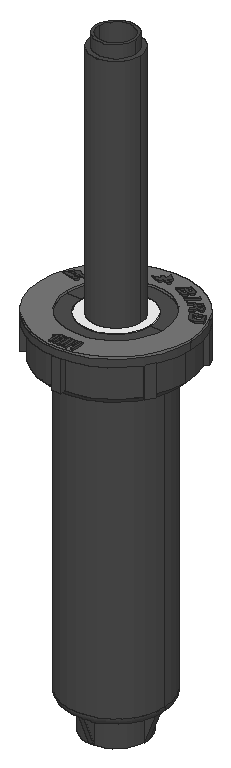
Revit family "Spray Bodies 1800-PRS Series", category Acessórios do tubo, Revit 2020
Family settings
  Cota do conector redondo = Utilizar diâmetro
  Tipo de parte = Normal
  Número OmniClass = 23.60.30.11.14
  Título OmniClass = Pipework Fittings
  Com base no plano de trabalho = Não
  Sempre na vertical = Sim
  Corte com vazios quando carregada = Não
  Compartilhado = Não
Parameters (values of type "1804-PRS")
  White Plastic = White Plastic
  URL = "https://www.rainbird.com/"
  SupportProjetos: Reviw Date = "15/11/2020"  # constant formula
  SupportProjetos: Reviw = "R01"  # constant formula
  SupportProjetos: Level of Detail = "LOD 300"  # constant formula
  SupportProjetos: Developed = "MICHEL SOARES MOTA"  # constant formula
  SupportProjetos: Creation Date = "13/07/2020"  # constant formula
  Side inlet = Model > 1805  # no
  RainBird: Product Link = "https://store.rainbird.com/sprinklers/spray-heads.html?sprays_sprayheadseries=117"
  RainBird: Description = "Spray Bodies Serie 1800 - Model 1804-PRS"
  RainBird: Comment [instance] = ""
  RainBird: Code = "A50205"
  RT = 0.3015 cm
  RN = 1 cm
  R5 = 1 cm
  R4 = 1.25 cm
  R3 = 2 cm
  R2 = 2.85 cm
  R1 = 1 cm
  R-VAN = yes
  Pop up height = 10.2 cm
  Pop up on [instance] = yes
  Modelo = "1804-PRS"
  Model = 1804
  H1 = Body height / 3  # 5.0667 cm
  Elevação padrão = 0 cm
  Descrição = RainBird: Description  # "Spray Bodies Serie 1800 - Model 1804-PRS"
  DT8 = 0.08 cm
  DT7 = 3.05 cm
  DT6 = 2 cm
  DT5 = 0.12 cm
  DT4 = 0.5 cm
  DT3 = 0.7973 cm
  DT2 = 1 cm
  DT1 = 1.4 cm
  DD9 = 1.3673 cm
  DD8 [instance] = if(Pop up on, Pop up height, 0 cm)  # 10.2 cm
  DD7 = 0.6 cm
  DD6 = 0.3 cm
  DD5 = 0.2 cm
  DD3 = 1.8 cm
  DD2 = 0.5 cm
  DD13 = 1.5 cm
  DD12 [instance] = if(Pop up on, Pop up height + 1.51 cm, 0 cm)  # 11.71 cm
  DD11 = 0.2 cm
  DD10 = 2.7818 cm
  DD1 = 1.2 cm
  Conection = 1.91 cm  # constant formula
  Body height = 15.2 cm
  Black Plastic 2 = Black Plastic 2
  Black Plastic = Black Plastic
  Arch Angle [instance] = 180.00°
  AA1 = 135.00°
  1812 = no
  1806 = no
  1804 = yes
  180 = yes
Types (4, lengths in cm): name | Side inlet | RainBird: Description | RainBird: Code | Pop up height | Modelo | Model | H1 | Descrição | DD9 | DD8 | DD12 | DD11 | DD10 | Body height | 1812 | 1806 | 1804 | 180
  (no name) | no | "Spray Bodies Serie 1800 - Model 1804-PRS" | "A50205" | 10.2 | "1804-PRS" | 1804 | 5.0667 | "Spray Bodies Serie 1800 - Model 1804-PRS" | 1.3673 | 10.2 | 11.71 | 0.2 | 2.7818 | 15.2 | no | no | yes | yes
  1804-PRS | no | "Spray Bodies Serie 1800 - Model 1804-PRS" | "A50205" | 10.2 | "1804-PRS" | 1804 | 5.0667 | "Spray Bodies Serie 1800 - Model 1804-PRS" | 1.3673 | 10.2 | 11.71 | 0.2 | 2.7818 | 15.2 | no | no | yes | yes
  1806-PRS | yes | "Spray Bodies Serie 1800 - Model 1806-PRS" | "A50305" | 15.2 | "1806-PRS" | 1806 | 7.9333 | "Spray Bodies Serie 1800 - Model 1806-PRS" | 1.3673 | 15.2 | 16.71 | 0.1 | 2.7818 | 23.8 | no | yes | no | yes
  1812-PRS | yes | "Spray Bodies Serie 1800 - Model 1812-PRS" | "A50405" | 30.5 | "1812-PRS" | 1812 | 13.5333 | "Spray Bodies Serie 1800 - Model 1812-PRS" | 2 | 30.5 | 32.01 | 0.6254 | 2.5 | 40.6 | yes | no | no | no
Reference planes (cm)
  plane 1 "Centro (Frente/Trás)": y = 0
  plane 2: z = 0
  plane 3 "Centro (Esquerda/Direita)": x = 0
  plane 4: z = 0.12
  plane 5: z = 0.08
  plane 6: y = -2
Forms (cm)
  Revolve 1, solid, material "Black Plastic" <- "Black Plastic"
    sketch origin (0, 0, 0) x (1, 0, 0) y (0, 0, 1)
      loop
        line (2.85, -1.5672) -> (2.85, -0.3) -> (3.05, -0.3) -> (3.05, 0) -> (1.4, 0) -> (1.4, -1) -> (1, -1) -> (1, -10.2) -> (0.6, -10.2) -> (0.6, -14) -> (1, -14) -> (1, -15.2) -> (1.25, -15.2) -> (1.25, -14) -> (1.6985, -14)
        arc (1.6985, -14) -> (1.9117, -13.9117) -> (2, -13.6985) r 0.3015
        line (2, -13.6985) -> (2, -2.1015)
        arc (2, -2.1015) -> (2.0883, -1.8883) -> (2.3015, -1.8) r 0.3015
        line (2.3015, -1.8) -> (2.6172, -1.8) -> (2.85, -1.5672)
      axis (0, -15.2) -> (0, 0)
    angle from 0 to 360
  Extrusion 2, solid, material "Black Plastic" <- "Black Plastic"
    sketch origin (0, 0, 0) x (1, 0, 0) y (0, 1, 0)
      loop
        circle (0, 0) r 1
    from -10.2 to 10.2
  Extrusion 3, void
    sketch origin (0, 0, 0) x (1, 0, 0) y (0, 1, 0)
      loop
        circle (0, 0) r 1
      loop
        circle (0, 0) r 0.7973
    from 9.7 to 10.2
  Extrusion 4, solid, material "Black Plastic" <- "Black Plastic", visible <- "180"
    sketch origin (0, -2.5, 0) x (1, 0, 0) y (0, 1, 0)
      loop
        line (-2.231, 3.2135) -> (-2.1644, 3.3339) -> (-2.3679, 3.3844) -> (-2.2992, 3.5085) -> (-2.0365, 3.4904) -> (-1.9715, 3.608) -> (-2.2887, 3.6298) -> (-2.4263, 3.706) -> (-2.6398, 3.6445) -> (-2.8298, 3.3622) -> (-2.231, 3.2135)
      loop
        line (-2.6663, 3.4585) -> (-2.4339, 3.4008) -> (-2.3526, 3.5478) -> (-2.4178, 3.6107) -> (-2.5587, 3.5701) -> (-2.6663, 3.4585)
      loop
        line (-1.9163, 3.7039) -> (-1.8175, 3.8064) -> (-1.8808, 3.8933) -> (-1.7232, 4.0568) -> (-1.6371, 4.0092) -> (-1.5763, 4.1193) -> (-2.1283, 4.1963) -> (-2.2118, 4.1098) -> (-1.9163, 3.7039)
      loop
        line (-2.0723, 4.0915) -> (-1.9537, 3.9286) -> (-1.8139, 4.0736) -> (-2.0723, 4.0915)
      loop
        line (-1.8177, 4.5186) -> (-1.3486, 4.2146) -> (-1.2727, 4.2934) -> (-1.7417, 4.5974) -> (-1.8177, 4.5186)
      loop
        line (-1.1151, 4.372) -> (-1.0305, 4.4599) -> (-1.2636, 4.6846) -> (-0.7593, 4.6142) -> (-0.6667, 4.7103) -> (-1.0803, 5.0567) -> (-1.1605, 4.9984) -> (-0.8466, 4.7354) -> (-1.4131, 4.8145) -> (-1.5049, 4.7477) -> (-1.1151, 4.372)
      loop
        line (-0.4562, 4.9237) -> (-0.283, 4.8466) -> (-0.0843, 4.7934) -> (0, 4.9138) -> (0.2358, 4.8722) -> (0.2981, 4.9345) -> (0.116, 5.0156) -> (0.2085, 5.1477) -> (-0.0336, 5.3172) -> (-0.0336, 5.1849) -> (-0.0336, 5.0821) -> (-0.1724, 5.1439) -> (-0.2428, 5.1033) -> (-0.1476, 5.0081) -> (-0.274, 4.9621) -> (-0.4562, 4.9237)
      loop
        line (0.6147, 4.7728) -> (0.9327, 4.5929) -> (1.0885, 4.5721) -> (1.1808, 4.6694) -> (1.1317, 4.7723) -> (1.2619, 4.7549) -> (1.334, 4.8309) -> (1.2754, 4.9539) -> (0.9573, 5.1338) -> (0.6147, 4.7728)
      loop
        line (0.8462, 4.8897) -> (0.7501, 4.7884) -> (0.9556, 4.6722) -> (1.0744, 4.6732) -> (1.0734, 4.7801) -> (0.8462, 4.8897)
      loop
        line (0.9989, 5.0507) -> (0.9222, 4.9699) -> (1.1173, 4.8595) -> (1.2037, 4.8602) -> (1.1883, 4.9435) -> (0.9989, 5.0507)
      loop
        line (1.2199, 4.4305) -> (1.3171, 4.3754) -> (1.7079, 4.7092) -> (1.6106, 4.7642) -> (1.2199, 4.4305)
      loop
        line (1.9335, 4.5079) -> (1.472, 4.2878) -> (1.5637, 4.2008) -> (1.7245, 4.2775) -> (1.8813, 4.1484) -> (1.7689, 4.0299) -> (1.857, 3.9063) -> (1.985, 3.9976) -> (2.0031, 4.1334) -> (2.1114, 4.0951) -> (2.2369, 4.155) -> (2.156, 4.3246) -> (1.9335, 4.5079)
      loop
        line (1.9261, 4.4053) -> (1.8225, 4.3559) -> (1.9436, 4.2141) -> (2.1112, 4.2155) -> (2.0556, 4.3321) -> (1.9261, 4.4053)
      loop
        line (1.9557, 3.8215) -> (2.1968, 3.4836) -> (2.3925, 3.4143) -> (2.7137, 3.5675) -> (2.6804, 3.6964) -> (2.4921, 3.9603) -> (1.9557, 3.8215)
      loop
        line (2.1302, 3.7523) -> (2.2577, 3.5736) -> (2.4889, 3.5756) -> (2.5959, 3.652) -> (2.4629, 3.8384) -> (2.1302, 3.7523)
      loop
        line (-0.516, -0.0627) -> (-0.4245, -0.0627) -> (-0.4245, -0.3834) -> (-0.3366, -0.3834) -> (-0.3366, 0.1166) -> (-0.516, -0.0627)
      loop
        line (-0.2745, 0.1165) -> (-0.2745, -0.3834) -> (-0.0345, -0.3834) -> (-0.0345, 0.1165) -> (-0.2745, 0.1165)
      loop
        line (-0.1945, 0.0365) -> (-0.1945, -0.0861) -> (-0.1145, -0.0861) -> (-0.1145, 0.0365) -> (-0.1945, 0.0365)
      loop
        line (-0.1945, -0.1661) -> (-0.1945, -0.3034) -> (-0.1145, -0.3034) -> (-0.1145, -0.1661) -> (-0.1945, -0.1661)
      loop
        line (0.0395, 0.1165) -> (0.0395, -0.3834) -> (0.2795, -0.3834) -> (0.2795, 0.1165) -> (0.0395, 0.1165)
      loop
        line (0.1195, 0.0365) -> (0.1195, -0.3034) -> (0.1995, -0.3034) -> (0.1995, 0.0365) -> (0.1195, 0.0365)
    from 0 to 0.12
  Extrusion 5, solid, material "Black Plastic 2" <- "Black Plastic 2"
    sketch origin (0, 0, 0) x (1, 0, 0) y (0, 1, 0)
      loop
        circle (0, 0) r 3.05
      loop
        circle (0, 0) r 2
    from 0 to 0.08
  Extrusion 6, solid, material "Black Plastic" <- "Black Plastic", visible <- "Side inlet"
    sketch origin (0, 0, 0) x (1, 0, 0) y (0, 0, 1)
      loop
        circle (0, -5.0667) r 1
    from 2 to 3.3673
  Extrusion 7, solid, material "Black Plastic" <- "Black Plastic", visible <- "Side inlet"
    sketch origin (0, 0, 0) x (1, 0, 0) y (0, 0, 1)
      loop
        circle (0, -5.0667) r 0.7964
    from 3.3673 to 3.8673
  Extrusion 8, void
    sketch origin (0, 0, 0) x (1, 0, 0) y (0, 1, 0)
      loop
        circle (0, 0) r 0.6963
    from -10.2 to 10.2
  Extrusion 9, solid, material "Black Plastic" <- "Black Plastic"
    sketch origin (0, 0, 0) x (0, 1, 0) y (0, 0, 1)
      loop
        line (1.25, -14) -> (1.25, -15.2) -> (1.75, -14) -> (1.25, -14)
      loop
        line (-1.25, -14) -> (-1.75, -14) -> (-1.25, -15.2) -> (-1.25, -14)
    from -0.1 to 0.1
  Extrusion 10, solid, material "Black Plastic" <- "Black Plastic"
    sketch origin (0, 0, 0) x (-1, 0, 0) y (0, 0, 1)
      loop
        line (1.25, -14) -> (1.25, -15.2) -> (1.75, -14) -> (1.25, -14)
      loop
        line (-1.25, -14) -> (-1.75, -14) -> (-1.25, -15.2) -> (-1.25, -14)
    from -0.1 to 0.1
  Extrusion 11, solid, material "Black Plastic" <- "Black Plastic", visible <- "1804"
    sketch origin (0.5778, -2.5, 0) x (1, 0, 0) y (0, 1, 0)
      loop
        line (-0.268, -0.156) -> (-0.108, -0.156) -> (-0.108, -0.3834) -> (-0.024, -0.3834) -> (-0.024, 0.1165) -> (-0.108, 0.1165) -> (-0.108, -0.0861) -> (-0.188, -0.0861) -> (-0.188, 0.1165) -> (-0.268, 0.1165) -> (-0.268, -0.156)
    from 0 to 0.12
  Extrusion 12, solid, material "Black Plastic" <- "Black Plastic", visible <- "1806"
    sketch origin (0.5778, -2.5, 0) x (1, 0, 0) y (0, 1, 0)
      loop
        line (-0.268, -0.3834) -> (-0.024, -0.3834) -> (-0.024, -0.0861) -> (-0.188, -0.0861) -> (-0.188, 0.0365) -> (-0.024, 0.0365) -> (-0.024, 0.1165) -> (-0.268, 0.1165) -> (-0.268, -0.3834)
      loop
        line (-0.188, -0.1661) -> (-0.188, -0.3034) -> (-0.108, -0.3034) -> (-0.108, -0.1661) -> (-0.188, -0.1661)
    from 0 to 0.12
  Extrusion 13, solid, material "Black Plastic" <- "Black Plastic", visible <- "1812"
    sketch origin (0, -2.5, 0) x (1, 0, 0) y (0, 1, 0)
      loop
        line (-2.231, 3.2135) -> (-2.1644, 3.3339) -> (-2.3679, 3.3844) -> (-2.2992, 3.5085) -> (-2.0365, 3.4904) -> (-1.9715, 3.608) -> (-2.2887, 3.6298) -> (-2.4263, 3.706) -> (-2.6398, 3.6445) -> (-2.8298, 3.3622) -> (-2.231, 3.2135)
      loop
        line (-2.6663, 3.4585) -> (-2.4339, 3.4008) -> (-2.3526, 3.5478) -> (-2.4178, 3.6107) -> (-2.5587, 3.5701) -> (-2.6663, 3.4585)
      loop
        line (-1.9163, 3.7039) -> (-1.8175, 3.8064) -> (-1.8808, 3.8933) -> (-1.7232, 4.0568) -> (-1.6371, 4.0092) -> (-1.5763, 4.1193) -> (-2.1283, 4.1963) -> (-2.2118, 4.1098) -> (-1.9163, 3.7039)
      loop
        line (-2.0723, 4.0915) -> (-1.9537, 3.9286) -> (-1.8139, 4.0736) -> (-2.0723, 4.0915)
      loop
        line (-1.8177, 4.5186) -> (-1.3486, 4.2146) -> (-1.2727, 4.2934) -> (-1.7417, 4.5974) -> (-1.8177, 4.5186)
      loop
        line (-1.1151, 4.372) -> (-1.0305, 4.4599) -> (-1.2636, 4.6846) -> (-0.7593, 4.6142) -> (-0.6667, 4.7103) -> (-1.0803, 5.0567) -> (-1.1605, 4.9984) -> (-0.8466, 4.7354) -> (-1.4131, 4.8145) -> (-1.5049, 4.7477) -> (-1.1151, 4.372)
      loop
        line (-0.4562, 4.9237) -> (-0.283, 4.8466) -> (-0.0843, 4.7934) -> (0, 4.9138) -> (0.2358, 4.8722) -> (0.2981, 4.9345) -> (0.116, 5.0156) -> (0.2085, 5.1477) -> (-0.0336, 5.3172) -> (-0.0336, 5.1849) -> (-0.0336, 5.0821) -> (-0.1724, 5.1439) -> (-0.2428, 5.1033) -> (-0.1476, 5.0081) -> (-0.274, 4.9621) -> (-0.4562, 4.9237)
      loop
        line (0.6147, 4.7728) -> (0.9327, 4.5929) -> (1.0885, 4.5721) -> (1.1808, 4.6694) -> (1.1317, 4.7723) -> (1.2619, 4.7549) -> (1.334, 4.8309) -> (1.2754, 4.9539) -> (0.9573, 5.1338) -> (0.6147, 4.7728)
      loop
        line (0.8462, 4.8897) -> (0.7501, 4.7884) -> (0.9556, 4.6722) -> (1.0744, 4.6732) -> (1.0734, 4.7801) -> (0.8462, 4.8897)
      loop
        line (0.9989, 5.0507) -> (0.9222, 4.9699) -> (1.1173, 4.8595) -> (1.2037, 4.8602) -> (1.1883, 4.9435) -> (0.9989, 5.0507)
      loop
        line (1.2199, 4.4305) -> (1.3171, 4.3754) -> (1.7079, 4.7092) -> (1.6106, 4.7642) -> (1.2199, 4.4305)
      loop
        line (1.9335, 4.5079) -> (1.472, 4.2878) -> (1.5637, 4.2008) -> (1.7245, 4.2775) -> (1.8813, 4.1484) -> (1.7689, 4.0299) -> (1.857, 3.9063) -> (1.985, 3.9976) -> (2.0031, 4.1334) -> (2.1114, 4.0951) -> (2.2369, 4.155) -> (2.156, 4.3246) -> (1.9335, 4.5079)
      loop
        line (1.9261, 4.4053) -> (1.8225, 4.3559) -> (1.9436, 4.2141) -> (2.1112, 4.2155) -> (2.0556, 4.3321) -> (1.9261, 4.4053)
      loop
        line (1.9557, 3.8215) -> (2.1968, 3.4836) -> (2.3925, 3.4143) -> (2.7137, 3.5675) -> (2.6804, 3.6964) -> (2.4921, 3.9603) -> (1.9557, 3.8215)
      loop
        line (2.1302, 3.7523) -> (2.2577, 3.5736) -> (2.4889, 3.5756) -> (2.5959, 3.652) -> (2.4629, 3.8384) -> (2.1302, 3.7523)
      loop
        line (-0.516, -0.0625) -> (-0.4245, -0.0625) -> (-0.4245, -0.3832) -> (-0.3366, -0.3832) -> (-0.3366, 0.1168) -> (-0.516, -0.0625)
      loop
        line (-0.2745, 0.1166) -> (-0.2745, -0.3832) -> (-0.0345, -0.3832) -> (-0.0345, 0.1166) -> (-0.2745, 0.1166)
      loop
        line (-0.1945, 0.0366) -> (-0.1945, -0.086) -> (-0.1145, -0.086) -> (-0.1145, 0.0366) -> (-0.1945, 0.0366)
      loop
        line (-0.1945, -0.166) -> (-0.1945, -0.3032) -> (-0.1145, -0.3032) -> (-0.1145, -0.166) -> (-0.1945, -0.166)
      loop
        line (0.2795, 0.1166) -> (0.1002, -0.0625) -> (0.1916, -0.0625) -> (0.1916, -0.3831) -> (0.2795, -0.3831) -> (0.2795, 0.1166)
      loop
        line (0.3097, 0.1165) -> (0.3097, 0.0365) -> (0.4697, 0.0365) -> (0.4697, -0.0861) -> (0.3097, -0.0861) -> (0.3097, -0.3834) -> (0.5537, -0.3834) -> (0.5537, -0.3032) -> (0.3897, -0.3032) -> (0.3897, -0.1664) -> (0.5537, -0.1664) -> (0.5537, 0.1165) -> (0.3097, 0.1165)
    from 0 to 0.12
  Extrusion 14, solid, material "Black Plastic" <- "Black Plastic"
    sketch origin (0, 0, 0) x (1, 0, 0) y (0, 1, 0)
      loop
        line (-0.1873, 3.0442) -> (-0.1873, 2.8126)
        arc (-0.1873, 2.8126) -> (0, 2.8188) -> (0.1873, 2.8126) r 2.8188
        line (0.1873, 2.8126) -> (0.1873, 3.0442)
        arc (0.1873, 3.0442) -> (0, 3.05) -> (-0.1873, 3.0442) r 3.05
      loop
        arc (-0.1873, -3.0442) -> (0, -3.05) -> (0.1873, -3.0442) r 3.05
        line (0.1873, -3.0442) -> (0.1873, -2.8126)
        arc (0.1873, -2.8126) -> (0, -2.8188) -> (-0.1873, -2.8126) r 2.8188
        line (-0.1873, -2.8126) -> (-0.1873, -3.0442)
      loop
        line (-2.73, 1.3599) -> (-2.5294, 1.2441)
        arc (-2.5294, 1.2441) -> (-2.4411, 1.4094) -> (-2.3421, 1.5685) r 2.8188
        line (-2.3421, 1.5685) -> (-2.5427, 1.6843)
        arc (-2.5427, 1.6843) -> (-2.6414, 1.525) -> (-2.73, 1.3599) r 3.05
      loop
        arc (2.5427, -1.6843) -> (2.6414, -1.525) -> (2.73, -1.3599) r 3.05
        line (2.73, -1.3599) -> (2.5294, -1.2441)
        arc (2.5294, -1.2441) -> (2.4411, -1.4094) -> (2.3421, -1.5685) r 2.8188
        line (2.3421, -1.5685) -> (2.5427, -1.6843)
      loop
        line (-2.5427, -1.6843) -> (-2.3421, -1.5685)
        arc (-2.3421, -1.5685) -> (-2.4411, -1.4094) -> (-2.5294, -1.2441) r 2.8188
        line (-2.5294, -1.2441) -> (-2.73, -1.3599)
        arc (-2.73, -1.3599) -> (-2.6414, -1.525) -> (-2.5427, -1.6843) r 3.05
      loop
        arc (2.73, 1.3599) -> (2.6414, 1.525) -> (2.5427, 1.6843) r 3.05
        line (2.5427, 1.6843) -> (2.3421, 1.5685)
        arc (2.3421, 1.5685) -> (2.4411, 1.4094) -> (2.5294, 1.2441) r 2.8188
        line (2.5294, 1.2441) -> (2.73, 1.3599)
    from -1.5672 to -0.3
Cuts and joins
  Extrusion 3, Extrusion 8 cuts Extrusion 2
Dimensions and locks (cm)
  "Body height": level to Revolve 1 sketch curve
  "R2": Revolve 1 sketch curve to plane 3 "Centro (Esquerda/Direita)"
  "DD1": Revolve 1 sketch curve to Revolve 1 sketch curve
  "DD3": level to Revolve 1 sketch curve
  "R3": Revolve 1 sketch curve to plane 3 "Centro (Esquerda/Direita)"
  "R4": Revolve 1 sketch curve to plane 3 "Centro (Esquerda/Direita)"
  "DD5": Revolve 1 sketch curve to Revolve 1 sketch curve
  "DD6": level to Revolve 1 sketch curve
  "RN": Revolve 1 sketch curve to plane 3 "Centro (Esquerda/Direita)"
  "Pop up height": level to Revolve 1 sketch curve
  "R5": plane 3 "Centro (Esquerda/Direita)" to Revolve 1 sketch curve
  "DD7": Revolve 1 sketch curve to plane 3 "Centro (Esquerda/Direita)"
  "DT1": plane 3 "Centro (Esquerda/Direita)" to Revolve 1 sketch curve
  "DT2": level to Revolve 1 sketch curve
  "DD8": Extrusion 2 to level
  "DT4": cut or joined group of Extrusion 2, Extrusion 3, Extrusion 8 to cut or joined group of Extrusion 2, Extrusion 3, Extrusion 8
  "DT5": plane 4 to level
  "DT8": plane 5 to level
  "H1": level to Extrusion 6 sketch curve
  "R3": plane 6 to plane 1 "Centro (Frente/Trás)"
  "DD9": Extrusion 6 to plane 6
  locked: Extrusion 7 to Extrusion 6 at 0.5
  "H1": level to Extrusion 7 sketch curve
  equal spacing: Extrusion 9, plane 3 "Centro (Esquerda/Direita)", Extrusion 9
  "DD11": Extrusion 9 to Extrusion 9
  equal spacing: Extrusion 10, plane 1 "Centro (Frente/Trás)", Extrusion 10
  "DD11": Extrusion 10 to Extrusion 10
  plane 3 "Centro (Esquerda/Direita)" to Extrusion 14 = 0.1873 cm
  "RT": radius of Revolve 1 sketch curve  (x2)
  "R1": radius of Extrusion 2 sketch curve
  "R1": radius of Extrusion 3 sketch curve
  "DT3": radius of Extrusion 3 sketch curve
  "DT6": radius of Extrusion 5 sketch curve
  "DT7": radius of Extrusion 5 sketch curve
  "AA1": angle Revolve 1 sketch curve to Revolve 1 sketch curve
  aligned and locked: level to plane 2
  aligned and locked: level to Revolve 1 sketch curve
  aligned and locked: Revolve 1 sketch curve to Revolve 1 sketch curve
  aligned and locked: Extrusion 2 to Revolve 1
  aligned and locked: cut or joined group of Extrusion 2, Extrusion 3, Extrusion 8 to cut or joined group of Extrusion 2, Extrusion 3, Extrusion 8  (x3)
  aligned and locked: Extrusion 4 to level
  aligned and locked: plane 4 to Extrusion 4
  aligned and locked: Extrusion 5 to level
  aligned and locked: plane 5 to Extrusion 5
  aligned and locked: plane 6 to Extrusion 6
  aligned and locked: Extrusion 7 to Extrusion 6
  aligned and locked: Extrusion 9 to Revolve 1
  aligned and locked: Extrusion 10 to Revolve 1
  aligned and locked: Revolve 1 to Extrusion 10
  aligned and locked: Revolve 1 to Extrusion 9
  aligned and locked: Revolve 1 to Extrusion 14  (x2)
Automatic sketch dimensions
  plane 1 "Centro (Frente/Trás)" to Extrusion 2 sketch curve = 0 cm
  Extrusion 2 sketch curve to plane 3 "Centro (Esquerda/Direita)" = 0 cm
  Extrusion 4 sketch curve to plane 3 "Centro (Esquerda/Direita)" = 0 cm
  Extrusion 4 sketch curve to plane 3 "Centro (Esquerda/Direita)" = 0.0336 cm
  Extrusion 4 sketch curve to plane 3 "Centro (Esquerda/Direita)" = 0.0345 cm
  Extrusion 4 sketch curve to plane 3 "Centro (Esquerda/Direita)" = 0.0843 cm
  Extrusion 4 sketch curve to plane 3 "Centro (Esquerda/Direita)" = 0.1145 cm
  Extrusion 4 sketch curve to Extrusion 4 sketch curve = 0.08 cm  (x11)
  Extrusion 4 sketch curve to Extrusion 4 sketch curve = 0.114 cm
  Extrusion 4 sketch curve to Extrusion 4 sketch curve = 0.0248 cm
  Extrusion 4 sketch curve to Extrusion 4 sketch curve = 0.0704 cm
  Extrusion 4 sketch curve to Extrusion 4 sketch curve = 0.1264 cm
  Extrusion 4 sketch curve to Extrusion 4 sketch curve = 0.009 cm
  Extrusion 4 sketch curve to Extrusion 4 sketch curve = 0.0622 cm  (x3)
  Extrusion 4 sketch curve to Extrusion 4 sketch curve = 0.0879 cm
  Extrusion 4 sketch curve to Extrusion 4 sketch curve = 0.1822 cm
  Extrusion 4 sketch curve to Extrusion 4 sketch curve = 0.0914 cm
  Extrusion 4 sketch curve to Extrusion 4 sketch curve = 0.2105 cm
  Extrusion 4 sketch curve to Extrusion 4 sketch curve = 0.0927 cm
  Extrusion 4 sketch curve to Extrusion 4 sketch curve = 0.0872 cm  (x2)
  Extrusion 4 sketch curve to Extrusion 4 sketch curve = 0.2711 cm
  Extrusion 4 sketch curve to Extrusion 4 sketch curve = 0.2338 cm
  Extrusion 4 sketch curve to Extrusion 4 sketch curve = 0.0847 cm  (x2)
  Extrusion 4 sketch curve to Extrusion 4 sketch curve = 0.0802 cm
  Extrusion 4 sketch curve to Extrusion 4 sketch curve = 0.2331 cm
  Extrusion 4 sketch curve to Extrusion 4 sketch curve = 0.1575 cm
  Extrusion 4 sketch curve to Extrusion 4 sketch curve = 0.0759 cm  (x2)
  Extrusion 4 sketch curve to Extrusion 4 sketch curve = 0.1495 cm
  Extrusion 4 sketch curve to Extrusion 4 sketch curve = 0.0917 cm  (x2)
  Extrusion 4 sketch curve to Extrusion 4 sketch curve = 0.2277 cm
  Extrusion 4 sketch curve to Extrusion 4 sketch curve = 0.0609 cm  (x2)
  Extrusion 4 sketch curve to Extrusion 4 sketch curve = 0.0861 cm
  Extrusion 4 sketch curve to Extrusion 4 sketch curve = 0.2369 cm
  Extrusion 4 sketch curve to Extrusion 4 sketch curve = 0.0907 cm
  Extrusion 4 sketch curve to Extrusion 4 sketch curve = 0.0037 cm
  Extrusion 4 sketch curve to Extrusion 4 sketch curve = 0.0633 cm
  Extrusion 4 sketch curve to Extrusion 4 sketch curve = 0.0988 cm
  Extrusion 4 sketch curve to Extrusion 4 sketch curve = 0.0729 cm
  Extrusion 4 sketch curve to Extrusion 4 sketch curve = 0.0551 cm
  Extrusion 4 sketch curve to plane 1 "Centro (Frente/Trás)" = 0.9904 cm
  Extrusion 4 sketch curve to Extrusion 4 sketch curve = 0.065 cm
  Extrusion 4 sketch curve to Extrusion 4 sketch curve = 0.1186 cm
  Extrusion 4 sketch curve to Extrusion 4 sketch curve = 0.056 cm
  Extrusion 4 sketch curve to plane 1 "Centro (Frente/Trás)" = 0.8339 cm
  Extrusion 4 sketch curve to Extrusion 4 sketch curve = 0.1279 cm
  Extrusion 4 sketch curve to Extrusion 4 sketch curve = 0.0835 cm
  Extrusion 4 sketch curve to plane 1 "Centro (Frente/Trás)" = 0.7135 cm
  Extrusion 4 sketch curve to Extrusion 4 sketch curve = 0.0666 cm  (x2)
  Extrusion 4 sketch curve to plane 1 "Centro (Frente/Trás)" = 1.1298 cm
  Extrusion 4 sketch curve to Extrusion 4 sketch curve = 0.2521 cm
  Extrusion 4 sketch curve to plane 1 "Centro (Frente/Trás)" = 1.0085 cm
  Extrusion 4 sketch curve to Extrusion 4 sketch curve = 0.0106 cm
  Extrusion 4 sketch curve to plane 1 "Centro (Frente/Trás)" = 1.0478 cm
  Extrusion 4 sketch curve to Extrusion 4 sketch curve = 0.0534 cm
  Extrusion 4 sketch curve to plane 1 "Centro (Frente/Trás)" = 0.8844 cm
  Extrusion 4 sketch curve to Extrusion 4 sketch curve = 0.0686 cm
  Extrusion 4 sketch curve to plane 1 "Centro (Frente/Trás)" = 1.1107 cm
  Extrusion 4 sketch curve to Extrusion 4 sketch curve = 0.0652 cm
  Extrusion 4 sketch curve to plane 1 "Centro (Frente/Trás)" = 1.206 cm
  Extrusion 4 sketch curve to Extrusion 4 sketch curve = 0.0084 cm
  Extrusion 4 sketch curve to plane 1 "Centro (Frente/Trás)" = 0.9008 cm
  Extrusion 4 sketch curve to Extrusion 4 sketch curve = 0.066 cm
  Extrusion 4 sketch curve to plane 1 "Centro (Frente/Trás)" = 1.0701 cm
  Extrusion 4 sketch curve to Extrusion 4 sketch curve = 0.1408 cm
  Extrusion 4 sketch curve to plane 1 "Centro (Frente/Trás)" = 1.1445 cm
  Extrusion 4 sketch curve to Extrusion 4 sketch curve = 0.0811 cm  (x2)
  Extrusion 4 sketch curve to plane 1 "Centro (Frente/Trás)" = 0.9585 cm
  Extrusion 4 sketch curve to Extrusion 4 sketch curve = 0.1076 cm
  Extrusion 4 sketch curve to plane 1 "Centro (Frente/Trás)" = 0.8622 cm
  Extrusion 4 sketch curve to Extrusion 4 sketch curve = 0.1635 cm
  plane 3 "Centro (Esquerda/Direita)" to Extrusion 4 sketch curve = 0.0395 cm
  plane 3 "Centro (Esquerda/Direita)" to Extrusion 4 sketch curve = 0.116 cm
  Extrusion 4 sketch curve to Extrusion 4 sketch curve = 0.0925 cm
  Extrusion 4 sketch curve to Extrusion 4 sketch curve = 0.1199 cm
  Extrusion 4 sketch curve to Extrusion 4 sketch curve = 0.3166 cm
  Extrusion 4 sketch curve to Extrusion 4 sketch curve = 0.1353 cm
  Extrusion 4 sketch curve to Extrusion 4 sketch curve = 0.0961 cm  (x2)
  Extrusion 4 sketch curve to Extrusion 4 sketch curve = 0.076 cm  (x2)
  Extrusion 4 sketch curve to Extrusion 4 sketch curve = 0.1827 cm
  Extrusion 4 sketch curve to Extrusion 4 sketch curve = 0.0229 cm
  Extrusion 4 sketch curve to Extrusion 4 sketch curve = 0.0351 cm
  Extrusion 4 sketch curve to Extrusion 4 sketch curve = 0.0416 cm
  Extrusion 4 sketch curve to Extrusion 4 sketch curve = 0.1178 cm
  Extrusion 4 sketch curve to Extrusion 4 sketch curve = 0.0009 cm
  Extrusion 4 sketch curve to Extrusion 4 sketch curve = 0.0141 cm
  Extrusion 4 sketch curve to Extrusion 4 sketch curve = 0.0439 cm
  Extrusion 4 sketch curve to Extrusion 4 sketch curve = 0.0583 cm
  Extrusion 4 sketch curve to Extrusion 4 sketch curve = 0.1064 cm
  Extrusion 4 sketch curve to Extrusion 4 sketch curve = 0.071 cm
  Extrusion 4 sketch curve to Extrusion 4 sketch curve = 0.0154 cm
  Extrusion 4 sketch curve to Extrusion 4 sketch curve = 0.1314 cm
  Extrusion 4 sketch curve to Extrusion 4 sketch curve = 0.0871 cm
  Extrusion 4 sketch curve to Extrusion 4 sketch curve = 0.0973 cm  (x3)
  Extrusion 4 sketch curve to Extrusion 4 sketch curve = 0.0721 cm
  Extrusion 4 sketch curve to Extrusion 4 sketch curve = 0.1549 cm
  Extrusion 4 sketch curve to Extrusion 4 sketch curve = 0.2766 cm
  Extrusion 4 sketch curve to Extrusion 4 sketch curve = 0.1608 cm
  Extrusion 4 sketch curve to Extrusion 4 sketch curve = 0.0443 cm
  Extrusion 4 sketch curve to Extrusion 4 sketch curve = 0.098 cm
  Extrusion 4 sketch curve to Extrusion 4 sketch curve = 0.0882 cm
  Extrusion 4 sketch curve to Extrusion 4 sketch curve = 0.1125 cm
  Extrusion 4 sketch curve to Extrusion 4 sketch curve = 0.1036 cm
  Extrusion 4 sketch curve to Extrusion 4 sketch curve = 0.0073 cm
  Extrusion 4 sketch curve to Extrusion 4 sketch curve = 0.0623 cm
  Extrusion 4 sketch curve to Extrusion 4 sketch curve = 0.0987 cm
  Extrusion 4 sketch curve to Extrusion 4 sketch curve = 0.128 cm
  Extrusion 4 sketch curve to Extrusion 4 sketch curve = 0.0595 cm
  Extrusion 4 sketch curve to Extrusion 4 sketch curve = 0.1295 cm
  Extrusion 4 sketch curve to Extrusion 4 sketch curve = 0.0556 cm
  Extrusion 4 sketch curve to Extrusion 4 sketch curve = 0.1083 cm
  Extrusion 4 sketch curve to Extrusion 4 sketch curve = 0.1745 cm
  Extrusion 4 sketch curve to Extrusion 4 sketch curve = 0.1004 cm
  Extrusion 4 sketch curve to plane 1 "Centro (Frente/Trás)" = 0.9836 cm
  Extrusion 4 sketch curve to Extrusion 4 sketch curve = 0.1255 cm
  Extrusion 4 sketch curve to plane 1 "Centro (Frente/Trás)" = 1.0736 cm
  Extrusion 4 sketch curve to plane 1 "Centro (Frente/Trás)" = 0.9143 cm
  Extrusion 4 sketch curve to Extrusion 4 sketch curve = 0.1957 cm
  Extrusion 4 sketch curve to Extrusion 4 sketch curve = 0.2053 cm
  Extrusion 4 sketch curve to plane 1 "Centro (Frente/Trás)" = 1.0756 cm
  Extrusion 4 sketch curve to Extrusion 4 sketch curve = 0.0964 cm
  Extrusion 4 sketch curve to Extrusion 4 sketch curve = 0.0292 cm
  Extrusion 4 sketch curve to plane 1 "Centro (Frente/Trás)" = 1.152 cm
  Extrusion 4 sketch curve to Extrusion 4 sketch curve = 0.107 cm
  Extrusion 4 sketch curve to plane 1 "Centro (Frente/Trás)" = 1.1964 cm
  Extrusion 4 sketch curve to Extrusion 4 sketch curve = 0.0844 cm
  Extrusion 4 sketch curve to plane 1 "Centro (Frente/Trás)" = 1.0675 cm
  Extrusion 4 sketch curve to Extrusion 4 sketch curve = 0.0333 cm
  Extrusion 4 sketch curve to plane 6 = 0.3834 cm
  Extrusion 4 sketch curve to Extrusion 4 sketch curve = 0.0001 cm
  Extrusion 4 sketch curve to Extrusion 4 sketch curve = 0 cm  (x4)
  Extrusion 4 sketch curve to Extrusion 4 sketch curve = 0.1793 cm
  Extrusion 4 sketch curve to Extrusion 4 sketch curve = 0.1226 cm
  Extrusion 4 sketch curve to Extrusion 4 sketch curve = 0.1372 cm
  Extrusion 4 sketch curve to Extrusion 4 sketch curve = 0.1176 cm
  Extrusion 4 sketch curve to Extrusion 4 sketch curve = 0.096 cm
  Extrusion 4 sketch curve to Extrusion 4 sketch curve = 0.1787 cm
  Extrusion 4 sketch curve to Extrusion 4 sketch curve = 0.1025 cm
  Extrusion 4 sketch curve to Extrusion 4 sketch curve = 0.0692 cm
  Extrusion 4 sketch curve to Extrusion 4 sketch curve = 0.0869 cm
  Extrusion 4 sketch curve to Extrusion 4 sketch curve = 0.0353 cm
  Extrusion 4 sketch curve to Extrusion 4 sketch curve = 0.1219 cm
  Extrusion 4 sketch curve to Extrusion 4 sketch curve = 0.0913 cm
  Extrusion 4 sketch curve to Extrusion 4 sketch curve = 0.1159 cm
  Extrusion 4 sketch curve to Extrusion 4 sketch curve = 0.0476 cm
  Extrusion 4 sketch curve to Extrusion 4 sketch curve = 0.0168 cm
  Extrusion 4 sketch curve to Extrusion 4 sketch curve = 0.1629 cm
  Extrusion 4 sketch curve to Extrusion 4 sketch curve = 0.0975 cm
  Extrusion 4 sketch curve to Extrusion 4 sketch curve = 0.0183 cm
  Extrusion 4 sketch curve to Extrusion 4 sketch curve = 0.0383 cm
  Extrusion 4 sketch curve to Extrusion 4 sketch curve = 0.015 cm
  Extrusion 4 sketch curve to Extrusion 4 sketch curve = 0.0599 cm
  Extrusion 4 sketch curve to Extrusion 4 sketch curve = 0.1049 cm
  Extrusion 4 sketch curve to Extrusion 4 sketch curve = 0.1709 cm
  Extrusion 4 sketch curve to Extrusion 4 sketch curve = 0.0657 cm
  Extrusion 4 sketch curve to Extrusion 4 sketch curve = 0.0953 cm
  Extrusion 4 sketch curve to Extrusion 4 sketch curve = 0.1091 cm
  Extrusion 4 sketch curve to Extrusion 4 sketch curve = 0.0767 cm
  Extrusion 4 sketch curve to Extrusion 4 sketch curve = 0.087 cm
  Extrusion 4 sketch curve to Extrusion 4 sketch curve = 0.0788 cm  (x3)
  Extrusion 4 sketch curve to Extrusion 4 sketch curve = 0.0074 cm
  Extrusion 4 sketch curve to Extrusion 4 sketch curve = 0.0783 cm
  Extrusion 4 sketch curve to Extrusion 4 sketch curve = 0.0787 cm
  Extrusion 4 sketch curve to Extrusion 4 sketch curve = 0.0876 cm
  Extrusion 4 sketch curve to Extrusion 4 sketch curve = 0.0494 cm
  Extrusion 4 sketch curve to Extrusion 4 sketch curve = 0.055 cm  (x2)
  Extrusion 4 sketch curve to Extrusion 4 sketch curve = 0.0878 cm
  Extrusion 4 sketch curve to Extrusion 4 sketch curve = 0.1026 cm
  Extrusion 4 sketch curve to Extrusion 4 sketch curve = 0.2291 cm
  Extrusion 4 sketch curve to Extrusion 4 sketch curve = 0.1417 cm
  Extrusion 4 sketch curve to Extrusion 4 sketch curve = 0.0208 cm
  Extrusion 4 sketch curve to Extrusion 4 sketch curve = 0.1543 cm
  Extrusion 4 sketch curve to Extrusion 4 sketch curve = 0.0792 cm
  Extrusion 4 sketch curve to Extrusion 4 sketch curve = 0.1011 cm
  Extrusion 4 sketch curve to Extrusion 4 sketch curve = 0.2013 cm
  Extrusion 4 sketch curve to Extrusion 4 sketch curve = 0.1212 cm
  Extrusion 4 sketch curve to Extrusion 4 sketch curve = 0.0855 cm
  Extrusion 4 sketch curve to Extrusion 4 sketch curve = 0.0078 cm
  Extrusion 4 sketch curve to Extrusion 4 sketch curve = 0.1007 cm
  Extrusion 4 sketch curve to Extrusion 4 sketch curve = 0.0156 cm
  Extrusion 4 sketch curve to Extrusion 4 sketch curve = 0.0831 cm
  Extrusion 4 sketch curve to Extrusion 4 sketch curve = 0.0668 cm
  Extrusion 4 sketch curve to Extrusion 4 sketch curve = 0.0532 cm
  Extrusion 4 sketch curve to Extrusion 4 sketch curve = 0.0008 cm
  Extrusion 4 sketch curve to Extrusion 4 sketch curve = 0.1013 cm
  Extrusion 4 sketch curve to Extrusion 4 sketch curve = 0.1204 cm
  Extrusion 4 sketch curve to Extrusion 4 sketch curve = 0.0771 cm
  Extrusion 4 sketch curve to Extrusion 4 sketch curve = 0.0832 cm  (x2)
  Extrusion 4 sketch curve to Extrusion 4 sketch curve = 0.0104 cm
  Extrusion 4 sketch curve to Extrusion 4 sketch curve = 0.1155 cm
  Extrusion 4 sketch curve to Extrusion 4 sketch curve = 0.0801 cm
  Extrusion 4 sketch curve to Extrusion 4 sketch curve = 0.1839 cm
  Extrusion 4 sketch curve to Extrusion 4 sketch curve = 0.046 cm
  Extrusion 4 sketch curve to Extrusion 4 sketch curve = 0.1018 cm
  Extrusion 4 sketch curve to Extrusion 4 sketch curve = 0.0808 cm
  Extrusion 4 sketch curve to Extrusion 4 sketch curve = 0.0584 cm
  Extrusion 4 sketch curve to Extrusion 4 sketch curve = 0.074 cm
  Extrusion 4 sketch curve to Extrusion 4 sketch curve = 0.0952 cm
  Extrusion 4 sketch curve to Extrusion 4 sketch curve = 0.0406 cm
  Extrusion 4 sketch curve to Extrusion 4 sketch curve = 0.1321 cm
  Extrusion 4 sketch curve to Extrusion 4 sketch curve = 0.1028 cm
  plane 1 "Centro (Frente/Trás)" to Extrusion 8 sketch curve = 0 cm
  Extrusion 8 sketch curve to plane 3 "Centro (Esquerda/Direita)" = 0 cm
  plane 6 to Extrusion 9 sketch curve = 0.25 cm
  plane 6 to Extrusion 9 sketch curve = 0.75 cm
  Extrusion 9 sketch curve to plane 1 "Centro (Frente/Trás)" = 1.25 cm
  Extrusion 9 sketch curve to Extrusion 9 sketch curve = 0.5 cm
  Extrusion 9 sketch curve to level = 15.2 cm
  Extrusion 9 sketch curve to Extrusion 9 sketch curve = 0 cm
  Extrusion 9 sketch curve to Extrusion 9 sketch curve = 1.2 cm  (x2)
  plane 3 "Centro (Esquerda/Direita)" to Extrusion 10 sketch curve = 1.75 cm
  plane 3 "Centro (Esquerda/Direita)" to Extrusion 10 sketch curve = 1.25 cm
  Extrusion 10 sketch curve to plane 3 "Centro (Esquerda/Direita)" = 1.25 cm
  Extrusion 10 sketch curve to Extrusion 10 sketch curve = 0.5 cm
  Extrusion 10 sketch curve to level = 15.2 cm
  Extrusion 10 sketch curve to Extrusion 10 sketch curve = 0 cm
  Extrusion 10 sketch curve to Extrusion 10 sketch curve = 1.2 cm  (x2)
  plane 3 "Centro (Esquerda/Direita)" to Extrusion 11 sketch curve = 0.3097 cm
  Extrusion 11 sketch curve to Extrusion 11 sketch curve = 0.08 cm  (x2)
  Extrusion 11 sketch curve to Extrusion 11 sketch curve = 0 cm  (x2)
  Extrusion 11 sketch curve to Extrusion 11 sketch curve = 0.084 cm
  Extrusion 11 sketch curve to plane 6 = 0.8834 cm
  Extrusion 11 sketch curve to Extrusion 11 sketch curve = 0.2273 cm
  Extrusion 11 sketch curve to Extrusion 11 sketch curve = 0.0699 cm
  Extrusion 11 sketch curve to Extrusion 11 sketch curve = 0.2026 cm
  plane 3 "Centro (Esquerda/Direita)" to Extrusion 12 sketch curve = 0.3097 cm
  Extrusion 12 sketch curve to Extrusion 12 sketch curve = 0.08 cm  (x6)
  Extrusion 12 sketch curve to Extrusion 12 sketch curve = 0.084 cm
  Extrusion 12 sketch curve to Extrusion 12 sketch curve = 0.164 cm
  Extrusion 12 sketch curve to plane 6 = 0.8834 cm
  Extrusion 12 sketch curve to Extrusion 12 sketch curve = 0.1372 cm
  Extrusion 12 sketch curve to Extrusion 12 sketch curve = 0.1226 cm
  Extrusion 13 sketch curve to plane 3 "Centro (Esquerda/Direita)" = 0 cm
  Extrusion 13 sketch curve to plane 3 "Centro (Esquerda/Direita)" = 0.0336 cm
  Extrusion 13 sketch curve to plane 3 "Centro (Esquerda/Direita)" = 0.0345 cm
  Extrusion 13 sketch curve to plane 3 "Centro (Esquerda/Direita)" = 0.0843 cm
  Extrusion 13 sketch curve to plane 3 "Centro (Esquerda/Direita)" = 0.1145 cm
  Extrusion 13 sketch curve to Extrusion 13 sketch curve = 0 cm  (x2)
  Extrusion 13 sketch curve to Extrusion 13 sketch curve = 0.114 cm
  Extrusion 13 sketch curve to Extrusion 13 sketch curve = 0.0248 cm
  Extrusion 13 sketch curve to Extrusion 13 sketch curve = 0.08 cm  (x8)
  Extrusion 13 sketch curve to Extrusion 13 sketch curve = 0.0704 cm
  Extrusion 13 sketch curve to Extrusion 13 sketch curve = 0.1264 cm
  Extrusion 13 sketch curve to Extrusion 13 sketch curve = 0.009 cm
  Extrusion 13 sketch curve to Extrusion 13 sketch curve = 0.0622 cm  (x3)
  Extrusion 13 sketch curve to Extrusion 13 sketch curve = 0.0879 cm  (x2)
  Extrusion 13 sketch curve to Extrusion 13 sketch curve = 0.1822 cm
  Extrusion 13 sketch curve to Extrusion 13 sketch curve = 0.0914 cm
  Extrusion 13 sketch curve to Extrusion 13 sketch curve = 0.2105 cm
  Extrusion 13 sketch curve to Extrusion 13 sketch curve = 0.0927 cm
  Extrusion 13 sketch curve to Extrusion 13 sketch curve = 0.0872 cm  (x2)
  Extrusion 13 sketch curve to Extrusion 13 sketch curve = 0.2711 cm
  Extrusion 13 sketch curve to Extrusion 13 sketch curve = 0.2338 cm
  Extrusion 13 sketch curve to Extrusion 13 sketch curve = 0.0847 cm  (x2)
  Extrusion 13 sketch curve to Extrusion 13 sketch curve = 0.0802 cm
  Extrusion 13 sketch curve to Extrusion 13 sketch curve = 0.2331 cm
  Extrusion 13 sketch curve to Extrusion 13 sketch curve = 0.1575 cm
  Extrusion 13 sketch curve to Extrusion 13 sketch curve = 0.0759 cm  (x2)
  Extrusion 13 sketch curve to Extrusion 13 sketch curve = 0.1495 cm
  Extrusion 13 sketch curve to Extrusion 13 sketch curve = 0.0917 cm  (x2)
  Extrusion 13 sketch curve to Extrusion 13 sketch curve = 0.2277 cm
  Extrusion 13 sketch curve to Extrusion 13 sketch curve = 0.0609 cm  (x2)
  Extrusion 13 sketch curve to Extrusion 13 sketch curve = 0.0861 cm
  Extrusion 13 sketch curve to Extrusion 13 sketch curve = 0.2369 cm
  Extrusion 13 sketch curve to Extrusion 13 sketch curve = 0.0907 cm
  Extrusion 13 sketch curve to Extrusion 13 sketch curve = 0.0037 cm
  Extrusion 13 sketch curve to Extrusion 13 sketch curve = 0.0633 cm
  Extrusion 13 sketch curve to Extrusion 13 sketch curve = 0.0988 cm
  Extrusion 13 sketch curve to Extrusion 13 sketch curve = 0.0729 cm
  Extrusion 13 sketch curve to Extrusion 13 sketch curve = 0.0551 cm
  Extrusion 13 sketch curve to plane 1 "Centro (Frente/Trás)" = 0.9904 cm
  Extrusion 13 sketch curve to Extrusion 13 sketch curve = 0.065 cm
  Extrusion 13 sketch curve to Extrusion 13 sketch curve = 0.1186 cm
  Extrusion 13 sketch curve to Extrusion 13 sketch curve = 0.056 cm
  Extrusion 13 sketch curve to plane 1 "Centro (Frente/Trás)" = 0.8339 cm
  Extrusion 13 sketch curve to Extrusion 13 sketch curve = 0.1279 cm
  Extrusion 13 sketch curve to Extrusion 13 sketch curve = 0.0835 cm
  Extrusion 13 sketch curve to plane 1 "Centro (Frente/Trás)" = 0.7135 cm
  Extrusion 13 sketch curve to Extrusion 13 sketch curve = 0.0666 cm  (x2)
  Extrusion 13 sketch curve to plane 1 "Centro (Frente/Trás)" = 1.1298 cm
  Extrusion 13 sketch curve to Extrusion 13 sketch curve = 0.2521 cm
  Extrusion 13 sketch curve to plane 1 "Centro (Frente/Trás)" = 1.0085 cm
  Extrusion 13 sketch curve to Extrusion 13 sketch curve = 0.0106 cm
  Extrusion 13 sketch curve to plane 1 "Centro (Frente/Trás)" = 1.0478 cm
  Extrusion 13 sketch curve to Extrusion 13 sketch curve = 0.0534 cm
  Extrusion 13 sketch curve to plane 1 "Centro (Frente/Trás)" = 0.8844 cm
  Extrusion 13 sketch curve to Extrusion 13 sketch curve = 0.0686 cm
  Extrusion 13 sketch curve to plane 1 "Centro (Frente/Trás)" = 1.1107 cm
  Extrusion 13 sketch curve to Extrusion 13 sketch curve = 0.0652 cm
  Extrusion 13 sketch curve to plane 1 "Centro (Frente/Trás)" = 1.206 cm
  Extrusion 13 sketch curve to Extrusion 13 sketch curve = 0.0084 cm
  Extrusion 13 sketch curve to plane 1 "Centro (Frente/Trás)" = 0.9008 cm
  Extrusion 13 sketch curve to Extrusion 13 sketch curve = 0.066 cm
  Extrusion 13 sketch curve to plane 1 "Centro (Frente/Trás)" = 1.0701 cm
  Extrusion 13 sketch curve to Extrusion 13 sketch curve = 0.1408 cm
  Extrusion 13 sketch curve to plane 1 "Centro (Frente/Trás)" = 1.1445 cm
  Extrusion 13 sketch curve to Extrusion 13 sketch curve = 0.0811 cm  (x2)
  Extrusion 13 sketch curve to plane 1 "Centro (Frente/Trás)" = 0.9585 cm
  Extrusion 13 sketch curve to Extrusion 13 sketch curve = 0.1076 cm
  Extrusion 13 sketch curve to plane 1 "Centro (Frente/Trás)" = 0.8622 cm
  Extrusion 13 sketch curve to Extrusion 13 sketch curve = 0.1635 cm
  plane 3 "Centro (Esquerda/Direita)" to Extrusion 13 sketch curve = 0.1002 cm
  plane 3 "Centro (Esquerda/Direita)" to Extrusion 13 sketch curve = 0.116 cm
  plane 3 "Centro (Esquerda/Direita)" to Extrusion 13 sketch curve = 0.1916 cm
  Extrusion 13 sketch curve to Extrusion 13 sketch curve = 0.0925 cm
  Extrusion 13 sketch curve to Extrusion 13 sketch curve = 0.1199 cm
  Extrusion 13 sketch curve to Extrusion 13 sketch curve = 0.0302 cm  (x2)
  Extrusion 13 sketch curve to Extrusion 13 sketch curve = 0.16 cm
  Extrusion 13 sketch curve to Extrusion 13 sketch curve = 0.164 cm
  Extrusion 13 sketch curve to Extrusion 13 sketch curve = 0.3166 cm
  Extrusion 13 sketch curve to Extrusion 13 sketch curve = 0.1353 cm
  Extrusion 13 sketch curve to Extrusion 13 sketch curve = 0.0961 cm  (x2)
  Extrusion 13 sketch curve to Extrusion 13 sketch curve = 0.076 cm  (x2)
  Extrusion 13 sketch curve to Extrusion 13 sketch curve = 0.1827 cm
  Extrusion 13 sketch curve to Extrusion 13 sketch curve = 0.0229 cm
  Extrusion 13 sketch curve to Extrusion 13 sketch curve = 0.0351 cm
  Extrusion 13 sketch curve to Extrusion 13 sketch curve = 0.0416 cm
  Extrusion 13 sketch curve to Extrusion 13 sketch curve = 0.1178 cm
  Extrusion 13 sketch curve to Extrusion 13 sketch curve = 0.0009 cm
  Extrusion 13 sketch curve to Extrusion 13 sketch curve = 0.0141 cm
  Extrusion 13 sketch curve to Extrusion 13 sketch curve = 0.0439 cm
  Extrusion 13 sketch curve to Extrusion 13 sketch curve = 0.0583 cm
  Extrusion 13 sketch curve to Extrusion 13 sketch curve = 0.1064 cm
  Extrusion 13 sketch curve to Extrusion 13 sketch curve = 0.071 cm
  Extrusion 13 sketch curve to Extrusion 13 sketch curve = 0.0154 cm
  Extrusion 13 sketch curve to Extrusion 13 sketch curve = 0.1314 cm
  Extrusion 13 sketch curve to Extrusion 13 sketch curve = 0.0871 cm
  Extrusion 13 sketch curve to Extrusion 13 sketch curve = 0.0973 cm  (x3)
  Extrusion 13 sketch curve to Extrusion 13 sketch curve = 0.0721 cm
  Extrusion 13 sketch curve to Extrusion 13 sketch curve = 0.1549 cm
  Extrusion 13 sketch curve to Extrusion 13 sketch curve = 0.2766 cm
  Extrusion 13 sketch curve to Extrusion 13 sketch curve = 0.1608 cm
  Extrusion 13 sketch curve to Extrusion 13 sketch curve = 0.0443 cm
  Extrusion 13 sketch curve to Extrusion 13 sketch curve = 0.098 cm
  Extrusion 13 sketch curve to Extrusion 13 sketch curve = 0.0882 cm
  Extrusion 13 sketch curve to Extrusion 13 sketch curve = 0.1125 cm
  Extrusion 13 sketch curve to Extrusion 13 sketch curve = 0.1036 cm
  Extrusion 13 sketch curve to Extrusion 13 sketch curve = 0.0073 cm
  Extrusion 13 sketch curve to Extrusion 13 sketch curve = 0.0623 cm
  Extrusion 13 sketch curve to Extrusion 13 sketch curve = 0.0987 cm
  Extrusion 13 sketch curve to Extrusion 13 sketch curve = 0.128 cm
  Extrusion 13 sketch curve to Extrusion 13 sketch curve = 0.0595 cm
  Extrusion 13 sketch curve to Extrusion 13 sketch curve = 0.1295 cm
  Extrusion 13 sketch curve to Extrusion 13 sketch curve = 0.0556 cm
  Extrusion 13 sketch curve to Extrusion 13 sketch curve = 0.1083 cm
  Extrusion 13 sketch curve to Extrusion 13 sketch curve = 0.1745 cm
  Extrusion 13 sketch curve to Extrusion 13 sketch curve = 0.1004 cm
  Extrusion 13 sketch curve to plane 1 "Centro (Frente/Trás)" = 0.9836 cm
  Extrusion 13 sketch curve to Extrusion 13 sketch curve = 0.1255 cm
  Extrusion 13 sketch curve to plane 1 "Centro (Frente/Trás)" = 1.0736 cm
  Extrusion 13 sketch curve to plane 1 "Centro (Frente/Trás)" = 0.9143 cm
  Extrusion 13 sketch curve to Extrusion 13 sketch curve = 0.1957 cm
  Extrusion 13 sketch curve to Extrusion 13 sketch curve = 0.2053 cm
  Extrusion 13 sketch curve to plane 1 "Centro (Frente/Trás)" = 1.0756 cm
  Extrusion 13 sketch curve to Extrusion 13 sketch curve = 0.0964 cm
  Extrusion 13 sketch curve to Extrusion 13 sketch curve = 0.0292 cm
  Extrusion 13 sketch curve to plane 1 "Centro (Frente/Trás)" = 1.152 cm
  Extrusion 13 sketch curve to Extrusion 13 sketch curve = 0.107 cm
  Extrusion 13 sketch curve to plane 1 "Centro (Frente/Trás)" = 1.1964 cm
  Extrusion 13 sketch curve to Extrusion 13 sketch curve = 0.0844 cm
  Extrusion 13 sketch curve to plane 1 "Centro (Frente/Trás)" = 1.0675 cm
  Extrusion 13 sketch curve to Extrusion 13 sketch curve = 0.0333 cm
  Extrusion 13 sketch curve to plane 6 = 0.3832 cm
  Extrusion 13 sketch curve to plane 6 = 0.3834 cm
  Extrusion 13 sketch curve to Extrusion 13 sketch curve = 0.0001 cm  (x2)
  Extrusion 13 sketch curve to Extrusion 13 sketch curve = 0.1793 cm
  Extrusion 13 sketch curve to Extrusion 13 sketch curve = 0.1792 cm
  Extrusion 13 sketch curve to Extrusion 13 sketch curve = 0.1226 cm  (x2)
  Extrusion 13 sketch curve to Extrusion 13 sketch curve = 0.0803 cm
  Extrusion 13 sketch curve to Extrusion 13 sketch curve = 0.1369 cm  (x2)
  Extrusion 13 sketch curve to Extrusion 13 sketch curve = 0.1372 cm
  Extrusion 13 sketch curve to Extrusion 13 sketch curve = 0.0799 cm
  Extrusion 13 sketch curve to Extrusion 13 sketch curve = 0.0801 cm  (x2)
  Extrusion 13 sketch curve to Extrusion 13 sketch curve = 0.1176 cm
  Extrusion 13 sketch curve to Extrusion 13 sketch curve = 0.096 cm
  Extrusion 13 sketch curve to Extrusion 13 sketch curve = 0.1787 cm
  Extrusion 13 sketch curve to Extrusion 13 sketch curve = 0.1025 cm
  Extrusion 13 sketch curve to Extrusion 13 sketch curve = 0.0692 cm
  Extrusion 13 sketch curve to Extrusion 13 sketch curve = 0.0869 cm
  Extrusion 13 sketch curve to Extrusion 13 sketch curve = 0.0353 cm
  Extrusion 13 sketch curve to Extrusion 13 sketch curve = 0.1219 cm
  Extrusion 13 sketch curve to Extrusion 13 sketch curve = 0.0913 cm
  Extrusion 13 sketch curve to Extrusion 13 sketch curve = 0.1159 cm
  Extrusion 13 sketch curve to Extrusion 13 sketch curve = 0.0476 cm
  Extrusion 13 sketch curve to Extrusion 13 sketch curve = 0.0168 cm
  Extrusion 13 sketch curve to Extrusion 13 sketch curve = 0.1629 cm
  Extrusion 13 sketch curve to Extrusion 13 sketch curve = 0.0975 cm
  Extrusion 13 sketch curve to Extrusion 13 sketch curve = 0.0183 cm
  Extrusion 13 sketch curve to Extrusion 13 sketch curve = 0.0383 cm
  Extrusion 13 sketch curve to Extrusion 13 sketch curve = 0.015 cm
  Extrusion 13 sketch curve to Extrusion 13 sketch curve = 0.0599 cm
  Extrusion 13 sketch curve to Extrusion 13 sketch curve = 0.1049 cm
  Extrusion 13 sketch curve to Extrusion 13 sketch curve = 0.1709 cm
  Extrusion 13 sketch curve to Extrusion 13 sketch curve = 0.0657 cm
  Extrusion 13 sketch curve to Extrusion 13 sketch curve = 0.0953 cm
  Extrusion 13 sketch curve to Extrusion 13 sketch curve = 0.1091 cm
  Extrusion 13 sketch curve to Extrusion 13 sketch curve = 0.0767 cm
  Extrusion 13 sketch curve to Extrusion 13 sketch curve = 0.087 cm
  Extrusion 13 sketch curve to Extrusion 13 sketch curve = 0.0788 cm  (x3)
  Extrusion 13 sketch curve to Extrusion 13 sketch curve = 0.0074 cm
  Extrusion 13 sketch curve to Extrusion 13 sketch curve = 0.0783 cm
  Extrusion 13 sketch curve to Extrusion 13 sketch curve = 0.0787 cm
  Extrusion 13 sketch curve to Extrusion 13 sketch curve = 0.0876 cm
  Extrusion 13 sketch curve to Extrusion 13 sketch curve = 0.0494 cm
  Extrusion 13 sketch curve to Extrusion 13 sketch curve = 0.055 cm  (x2)
  Extrusion 13 sketch curve to Extrusion 13 sketch curve = 0.0878 cm
  Extrusion 13 sketch curve to Extrusion 13 sketch curve = 0.1026 cm
  Extrusion 13 sketch curve to Extrusion 13 sketch curve = 0.2291 cm
  Extrusion 13 sketch curve to Extrusion 13 sketch curve = 0.1417 cm
  Extrusion 13 sketch curve to Extrusion 13 sketch curve = 0.0208 cm
  Extrusion 13 sketch curve to Extrusion 13 sketch curve = 0.1543 cm
  Extrusion 13 sketch curve to Extrusion 13 sketch curve = 0.0792 cm
  Extrusion 13 sketch curve to Extrusion 13 sketch curve = 0.1011 cm
  Extrusion 13 sketch curve to Extrusion 13 sketch curve = 0.2013 cm
  Extrusion 13 sketch curve to Extrusion 13 sketch curve = 0.1212 cm
  Extrusion 13 sketch curve to Extrusion 13 sketch curve = 0.0855 cm
  Extrusion 13 sketch curve to Extrusion 13 sketch curve = 0.0078 cm
  Extrusion 13 sketch curve to Extrusion 13 sketch curve = 0.1007 cm
  Extrusion 13 sketch curve to Extrusion 13 sketch curve = 0.0156 cm
  Extrusion 13 sketch curve to Extrusion 13 sketch curve = 0.0831 cm
  Extrusion 13 sketch curve to Extrusion 13 sketch curve = 0.0668 cm
  Extrusion 13 sketch curve to Extrusion 13 sketch curve = 0.0532 cm
  Extrusion 13 sketch curve to Extrusion 13 sketch curve = 0.0008 cm
  Extrusion 13 sketch curve to Extrusion 13 sketch curve = 0.1013 cm
  Extrusion 13 sketch curve to Extrusion 13 sketch curve = 0.1204 cm
  Extrusion 13 sketch curve to Extrusion 13 sketch curve = 0.0771 cm
  Extrusion 13 sketch curve to Extrusion 13 sketch curve = 0.0832 cm  (x2)
  Extrusion 13 sketch curve to Extrusion 13 sketch curve = 0.0104 cm
  Extrusion 13 sketch curve to Extrusion 13 sketch curve = 0.1155 cm
  Extrusion 13 sketch curve to Extrusion 13 sketch curve = 0.1839 cm
  Extrusion 13 sketch curve to Extrusion 13 sketch curve = 0.046 cm
  Extrusion 13 sketch curve to Extrusion 13 sketch curve = 0.1018 cm
  Extrusion 13 sketch curve to Extrusion 13 sketch curve = 0.0808 cm
  Extrusion 13 sketch curve to Extrusion 13 sketch curve = 0.0584 cm
  Extrusion 13 sketch curve to Extrusion 13 sketch curve = 0.074 cm
  Extrusion 13 sketch curve to Extrusion 13 sketch curve = 0.0952 cm
  Extrusion 13 sketch curve to Extrusion 13 sketch curve = 0.0406 cm
  Extrusion 13 sketch curve to Extrusion 13 sketch curve = 0.1321 cm
  Extrusion 13 sketch curve to Extrusion 13 sketch curve = 0.1028 cm
  Extrusion 13 sketch curve to Extrusion 13 sketch curve = 0.084 cm
  Extrusion 14 sketch curve to plane 3 "Centro (Esquerda/Direita)" = 0.1873 cm  (x2)
  plane 6 to Extrusion 14 sketch curve = 0.4315 cm  (x2)
  Extrusion 14 sketch curve to plane 1 "Centro (Frente/Trás)" = 1.2441 cm
  Extrusion 14 sketch curve to Extrusion 14 sketch curve = 0.1873 cm  (x3)
  Extrusion 14 sketch curve to Extrusion 14 sketch curve = 0.2006 cm  (x7)
  plane 6 to Extrusion 14 sketch curve = 0.3157 cm  (x2)
  plane 3 "Centro (Esquerda/Direita)" to Extrusion 14 sketch curve = 0.1873 cm  (x2)
  plane 6 to Extrusion 14 sketch curve = 0.7559 cm
  plane 6 to Extrusion 14 sketch curve = 0.6401 cm
  Extrusion 14 sketch curve to Extrusion 14 sketch curve = 0.3244 cm
  Extrusion 14 sketch curve to Extrusion 14 sketch curve = 0.1158 cm  (x2)
  Extrusion 14 sketch curve to plane 1 "Centro (Frente/Trás)" = 1.5685 cm  (x2)
  plane 3 "Centro (Esquerda/Direita)" to Extrusion 14 sketch curve = 2.3421 cm
  Extrusion 14 sketch curve to plane 6 = 0.8126 cm
  Extrusion 14 sketch curve to Extrusion 14 sketch curve = 0.2317 cm  (x2)
  Extrusion 14 sketch curve to Extrusion 14 sketch curve = 1.2441 cm
  Extrusion 14 sketch curve to Extrusion 14 sketch curve = 0 cm  (x22)
  plane 1 "Centro (Frente/Trás)" to Extrusion 14 sketch curve = 0 cm
  Extrusion 14 sketch curve to plane 3 "Centro (Esquerda/Direita)" = 0 cm
  Extrusion 14 sketch curve to plane 3 "Centro (Esquerda/Direita)" = 2.3421 cm
  Revolve 1 sketch curve to plane 3 "Centro (Esquerda/Direita)" = 0 cm
  Revolve 1 sketch curve to Revolve 1 sketch curve = 0.3157 cm
  plane 4 to Revolve 1 sketch curve = 2.4185 cm
  Revolve 1 sketch curve to Revolve 1 sketch curve = 28 cm
  Extrusion 3 sketch curve to Extrusion 3 sketch curve = 0 cm  (x2)
  plane 1 "Centro (Frente/Trás)" to Extrusion 3 sketch curve = 0 cm
  Extrusion 3 sketch curve to plane 3 "Centro (Esquerda/Direita)" = 0 cm
  Extrusion 5 sketch curve to Extrusion 5 sketch curve = 0 cm  (x2)
  plane 1 "Centro (Frente/Trás)" to Extrusion 5 sketch curve = 0 cm
  Extrusion 5 sketch curve to plane 3 "Centro (Esquerda/Direita)" = 0 cm
  Extrusion 6 sketch curve to plane 3 "Centro (Esquerda/Direita)" = 0 cm
  Extrusion 7 sketch curve to plane 3 "Centro (Esquerda/Direita)" = 0 cm
  radius of Extrusion 8 sketch curve = 0.6963 cm
  radius of Extrusion 6 sketch curve = 1 cm
  radius of Extrusion 7 sketch curve = 0.7964 cm
Nested families (cm)
  nested 1: "Standard Cover" at (0, 0, 0), R1 <- "R5", R2 <- "DT1", H <- "DT2", Material <- "White Plastic", type "Standard Cover"
    with R2 1.4 cm, R1 1 cm, Material White Plastic, H 1 cm
Connectors (cm)
  piping at (0, -3.3673, -5.0667), diameter 1.91, driven by "Conection"
    settings: on Extrusion 6, index 2, connector inside diameter 609.6 mm, connector length 0 cm, flow factor 0, pipe flow 0.0 L/s, pressure drop 0.0 Pa, fitting loss kfactor 0, connector angle 0.00°, fixture units 0, engagement length 0 cm, angle of deflection 0.00°, flow configuration 0, flow direction 0, fitting loss method 0, system type 20, joint type 0, gender type 0, connector reference index -1, connector utility 0, adjustable connector no, is connector primary yes, connector description ""
  piping at (0, 0, -14), diameter 1.91, driven by "Conection"
    settings: on Revolve 1, index 3, connector inside diameter 609.6 mm, connector length 0 cm, flow factor 0, pipe flow 0.0 L/s, pressure drop 0.0 Pa, fitting loss kfactor 0, connector angle 0.00°, fixture units 0, engagement length 0 cm, angle of deflection 0.00°, flow configuration 0, flow direction 0, fitting loss method 0, system type 20, joint type 0, gender type 0, connector reference index -1, connector utility 0, adjustable connector no, is connector primary no, connector description ""
  piping at (0, 0, 10.2), diameter 60.96
    settings: on cut or joined group of Extrusion 2, Extrusion 3, Extrusion 8, index 4, connector inside diameter 609.6 mm, connector length 0 cm, flow factor 0, pipe flow 0.0 L/s, pressure drop 0.0 Pa, fitting loss kfactor 0, connector angle 0.00°, fixture units 0, engagement length 0 cm, angle of deflection 0.00°, flow configuration 0, flow direction 0, fitting loss method 0, system type 28, joint type 0, gender type 0, connector reference index -1, connector utility 0, adjustable connector no, is connector primary no, connector description ""
Definition of nested family "Standard Cover"
  Parameters
    R2 [instance] = 1.4 cm
    R1 [instance] = 1 cm
    Material [instance] = none
    H [instance] = 1 cm
    Default Elevation = 0 cm
  Reference planes (cm)
    plane 1 "Centro (Frente/Trás)": y = 0
    plane 2: z = 0
    plane 3 "Centro (Esquerda/Direita)": x = 0
  Forms (cm)
    Extrusion 1, solid, material <- "Material"
      sketch origin (0, 0, 0) x (1, 0, 0) y (0, 1, 0)
        loop
          circle (0, 0) r 1.4
        loop
          circle (0, 0) r 1
      from -1 to 0
  Dimensions and locks (cm)
    "H": level to Extrusion 1
    "R1": radius of Extrusion 1 sketch curve
    "R2": radius of Extrusion 1 sketch curve
    aligned and locked: level to plane 2
    aligned and locked: level to Extrusion 1
  Automatic sketch dimensions
    Extrusion 1 sketch curve to Extrusion 1 sketch curve = 0 cm  (x2)
    plane 1 "Centro (Frente/Trás)" to Extrusion 1 sketch curve = 0 cm
    Extrusion 1 sketch curve to plane 3 "Centro (Esquerda/Direita)" = 0 cm
